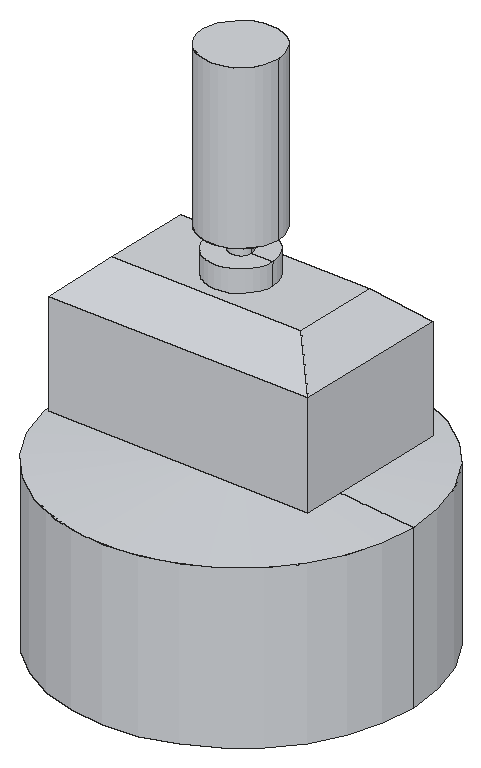
Revit family "M_Reservatório de expansão - Combinação", category Equipamento mecânico, Revit 2019
Family settings
  Cota do conector redondo = Usar raio
  Tipo de parte = Normal
  Número OmniClass = 23.75.70.11.14
  Título OmniClass = Expansion Vessels
  ID de item do Seek = Expansion Tank - Combination-0000-CAN-ENU
  Com base no plano de trabalho = Não
  Sempre na vertical = Sim
  Corte com vazios quando carregada = Não
  Compartilhado = Não
  Ponto de cálculo do ambiente = Não
Parameters (values of type "8 L")
  Material do reservatório = none
  Altura do reservatório = 108 mm
  Diâmetro do reservatório = 203 mm
  Queda de pressão [instance] = 0.0 Pa
  Raio nominal = 12.5 mm
  Diâmetro nominal = Raio nominal * 2  # 25 mm
  Altura 1 = 95 mm
  Fluxo [instance] = 0.06 L/s
Types (5, lengths in mm): name | Altura do reservatório | Diâmetro do reservatório | Altura 1
  (no name) | 108 | 203 | 95
  8 L | 108 | 203 | 95
  17 L | 181 | 279 | 163
  21 L | 372 | 279 | 333
  53 L | 321 | 391 | 286
Reference planes
  plane 1 "Centro (Frente/Trás)": y = 0
  plane 2: z = 0
  plane 3 "Centro (Esquerda/Direita)": x = 0
  plane 4: z = 108
  plane 5: z = 54
  plane 6: z = 101.5
  plane 7: z = 6.5
  plane 8: x = -101.5
  plane 9: x = 101.5
  plane 10: z = 120.7
  plane 11: x = -19.05
  plane 12: x = 19.05
  plane 13: x = -76.2
  plane 14: x = 76.2
  plane 15: z = 181.025
  plane 16: y = 46.037
  plane 17: y = -46.038
  plane 18: y = 25.4
  plane 19: y = -25.4
  plane 20: x = -55.562
  plane 21: x = 55.563
  plane 22: z = 200.075
  plane 23: z = 212.775
  plane 24: z = 219.125
  plane 25: z = 225.475
  plane 26: x = -19.05
  plane 27: x = 19.05
  plane 28: x = -6.35
  plane 29: x = 6.35
  plane 30: z = 320.725
Forms (mm)
  Revolve 1, solid, material <- "Material do reservatório"
    sketch origin (0, 0, 0) x (1, 0, 0) y (0, 0, 1)
      loop
        line (-101.5, 101.5) -> (-101.5, 6.5)
        arc (-101.5, 6.5) -> (-50.854, 1.627) -> (0, 0) r 795.731
        line (0, 0) -> (0, 108)
        arc (0, 108) -> (-50.854, 106.373) -> (-101.5, 101.5) r 795.731
      axis (0, 108) -> (0, 0)
    angle from 0 to 360
  Revolve 2, solid, material <- "Material do reservatório"
    sketch origin (0, 0, 0) x (1, 0, 0) y (0, 0, 1)
      loop
        line (-19.05, 120.7) -> (-19.05, 101.5) -> (0, 101.5) -> (0, 120.7) -> (-19.05, 120.7)
      axis (0, 120.7) -> (0, 101.5)
    angle from 0 to 360
  Extrusion 3, solid, material <- "Material do reservatório", detail levels medium+fine
    sketch origin (0, 0, 0) x (1, 0, 0) y (0, 0, 1)
      loop
        line (-76.2, 181.025) -> (-76.2, 120.7) -> (76.2, 120.7) -> (76.2, 181.025) -> (-76.2, 181.025)
    from -46.037 to 46.037
  Blend 4, solid, material <- "Material do reservatório", detail levels medium+fine
    base sketch origin (0, 0, 0) x (1, 0, 0) y (0, 1, 0)
      loop
        line (-76.2, 46.037) -> (-76.2, -46.038) -> (76.2, -46.038) -> (76.2, 46.037) -> (-76.2, 46.037)
    top sketch origin (0, 0, 0) x (1, 0, 0) y (0, 1, 0)
      loop
        line (-55.562, 25.4) -> (-55.562, -25.4) -> (55.563, -25.4) -> (55.563, 25.4) -> (-55.562, 25.4)
    from 181.025 to 200.075
  Revolve 5, solid, material <- "Material do reservatório", detail levels medium+fine
    sketch origin (0, 0, 0) x (1, 0, 0) y (0, 0, 1)
      loop
        line (-19.05, 212.775) -> (-19.05, 200.075) -> (0, 200.075) -> (0, 212.775) -> (-19.05, 212.775)
      axis (0, 212.775) -> (0, 200.075)
    angle from 0 to 360
  Revolve 6, solid, material <- "Material do reservatório", detail levels medium+fine
    sketch origin (0, 0, 0) x (1, 0, 0) y (0, 0, 1)
      loop
        line (-6.35, 219.125) -> (-6.35, 212.775) -> (0, 212.775) -> (0, 219.125) -> (-6.35, 219.125)
      axis (0, 219.125) -> (0, 212.775)
    angle from 0 to 360
  Blend 7, solid, material <- "Material do reservatório", detail levels medium+fine
    base sketch origin (0, 0, 0) x (1, 0, 0) y (0, 1, 0)
      loop
        circle (0, 0) r 6.35
    top sketch origin (0, 0, 0) x (1, 0, 0) y (0, 1, 0)
      loop
        circle (0, 0) r 22.225
    from 219.125 to 225.475
  Extrusion 8, solid, material <- "Material do reservatório", detail levels medium+fine
    sketch origin (0, 0, 0) x (1, 0, 0) y (0, 1, 0)
      loop
        circle (0, 0) r 22.225
    from 225.475 to 320.725
  Extrusion 9, solid, material <- "Material do reservatório", detail levels coarse
    sketch origin (0, 0, 0) x (1, 0, 0) y (0, 0, 1)
      loop
        line (-76.2, 200.075) -> (-76.2, 120.7) -> (76.2, 120.7) -> (76.2, 200.075) -> (-76.2, 200.075)
    from -46.037 to 46.037
  Extrusion 10, solid, material <- "Material do reservatório", detail levels coarse
    sketch origin (0, 0, 0) x (1, 0, 0) y (0, 1, 0)
      loop
        circle (0, 0) r 22.225
    from 200.075 to 320.725
Cuts and joins
  joined: Revolve 1, Revolve 2
Dimensions and locks
  equal spacing: plane 4, plane 5, plane 2
  "Altura do reservatório": plane 4 to plane 2
  equal spacing: plane 6, plane 5, plane 7
  "Altura 1": plane 6 to plane 7
  equal spacing: plane 9, plane 3 "Centro (Esquerda/Direita)", plane 8
  "Diâmetro do reservatório": plane 9 to plane 8
  locked: plane 10 to plane 4 at 12.7
  equal spacing: plane 12, plane 3 "Centro (Esquerda/Direita)", plane 11
  locked: plane 12 to plane 11 at 38.1
  equal spacing: plane 14, plane 3 "Centro (Esquerda/Direita)", plane 13
  locked: plane 14 to plane 13 at 152.4
  locked: plane 15 to plane 10 at 60.325
  equal spacing: plane 16, plane 1 "Centro (Frente/Trás)", plane 17
  locked: plane 16 to plane 17 at 92.075
  equal spacing: plane 18, plane 1 "Centro (Frente/Trás)", plane 19
  locked: plane 18 to plane 19 at 50.8
  equal spacing: plane 20, plane 3 "Centro (Esquerda/Direita)", plane 21
  locked: plane 20 to plane 21 at 111.125
  locked: plane 22 to plane 15 at 19.05
  locked: plane 23 to plane 22 at 12.7
  locked: plane 24 to plane 23 at 6.35
  locked: plane 25 to plane 24 at 6.35
  equal spacing: plane 27, plane 3 "Centro (Esquerda/Direita)", plane 26
  locked: plane 27 to plane 26 at 38.1
  equal spacing: plane 29, plane 3 "Centro (Esquerda/Direita)", plane 28
  locked: plane 29 to plane 28 at 12.7
  locked: plane 30 to plane 25 at 95.25
  radius of Blend 7 sketch curve = 6.35 mm
  radius of Blend 7 sketch curve = 22.225 mm
  radius of Extrusion 8 sketch curve = 22.225 mm
  radius of Extrusion 10 sketch curve = 22.225 mm
  aligned and locked: Revolve 1 sketch curve to plane 8
  aligned and locked: Revolve 1 sketch curve to plane 3 "Centro (Esquerda/Direita)"
  aligned and locked: plane 6 to Revolve 1 sketch curve
  aligned and locked: plane 4 to Revolve 1 sketch curve
  aligned and locked: plane 7 to Revolve 1 sketch curve
  aligned and locked: plane 8 to Revolve 1 sketch curve
  aligned and locked: plane 2 to Revolve 1 sketch curve
  aligned and locked: plane 3 "Centro (Esquerda/Direita)" to Revolve 1 sketch curve
  aligned and locked: Revolve 2 sketch curve to plane 10
  aligned and locked: Revolve 2 sketch curve to plane 11
  aligned and locked: plane 6 to Revolve 2 sketch curve
  aligned and locked: Revolve 2 sketch curve to plane 3 "Centro (Esquerda/Direita)"
  aligned and locked: Extrusion 3 sketch curve to plane 15
  aligned and locked: Extrusion 3 sketch curve to plane 13
  aligned and locked: plane 14 to Extrusion 3 sketch curve
  aligned and locked: plane 10 to Extrusion 3 sketch curve
  aligned and locked: plane 16 to Extrusion 3
  aligned and locked: plane 17 to Extrusion 3
  aligned and locked: Blend 4 sketch curve to plane 16
  aligned and locked: plane 13 to Blend 4 sketch curve
  aligned and locked: Blend 4 sketch curve to plane 17
  aligned and locked: plane 14 to Blend 4 sketch curve
  aligned and locked: Blend 4 sketch curve to plane 18
  aligned and locked: plane 20 to Blend 4 sketch curve
  aligned and locked: Blend 4 sketch curve to plane 19
  aligned and locked: plane 21 to Blend 4 sketch curve
  aligned and locked: plane 22 to Blend 4
  aligned and locked: Blend 4 to plane 15
  aligned and locked: Revolve 5 sketch curve to plane 23
  aligned and locked: Revolve 5 sketch curve to plane 26
  aligned and locked: plane 22 to Revolve 5 sketch curve
  aligned and locked: Revolve 5 sketch curve to plane 3 "Centro (Esquerda/Direita)"
  aligned and locked: Revolve 6 sketch curve to plane 24
  aligned and locked: Revolve 6 sketch curve to plane 28
  aligned and locked: plane 23 to Revolve 6 sketch curve
  aligned and locked: Revolve 6 sketch curve to plane 3 "Centro (Esquerda/Direita)"
  aligned and locked: plane 1 "Centro (Frente/Trás)" to Blend 7 sketch curve  (x2)
  aligned and locked: plane 3 "Centro (Esquerda/Direita)" to Blend 7 sketch curve  (x2)
  aligned and locked: plane 24 to Blend 7
  aligned and locked: plane 25 to Blend 7
  aligned and locked: plane 1 "Centro (Frente/Trás)" to Extrusion 8 sketch curve
  aligned and locked: plane 3 "Centro (Esquerda/Direita)" to Extrusion 8 sketch curve
  aligned and locked: plane 30 to Extrusion 8
  aligned and locked: Extrusion 8 to plane 25
  aligned and locked: Extrusion 9 sketch curve to plane 22
  aligned and locked: Extrusion 9 sketch curve to plane 13
  aligned and locked: plane 10 to Extrusion 9 sketch curve
  aligned and locked: plane 14 to Extrusion 9 sketch curve
  aligned and locked: plane 3 "Centro (Esquerda/Direita)" to Extrusion 10 sketch curve
  aligned and locked: plane 1 "Centro (Frente/Trás)" to Extrusion 10 sketch curve
  aligned and locked: plane 30 to Extrusion 10
  aligned and locked: Extrusion 10 to plane 22
  aligned and locked: plane 16 to Extrusion 9
  aligned and locked: plane 17 to Extrusion 9
Automatic sketch dimensions
  Revolve 1 sketch curve to plane 3 "Centro (Esquerda/Direita)" = 0 mm
  Revolve 1 sketch curve to Revolve 1 sketch curve = 98.425 mm
  Revolve 1 sketch curve to Revolve 1 sketch curve = 1793.083 mm
  Revolve 2 sketch curve to plane 3 "Centro (Esquerda/Direita)" = 0 mm
  Revolve 2 sketch curve to level = 609.6 mm
  plane 10 to Revolve 2 sketch curve = 2275.683 mm
  Revolve 5 sketch curve to plane 3 "Centro (Esquerda/Direita)" = 0 mm
  Revolve 5 sketch curve to level = 609.6 mm
  plane 25 to Revolve 5 sketch curve = 2170.908 mm
  Revolve 6 sketch curve to plane 3 "Centro (Esquerda/Direita)" = 0 mm
  Revolve 6 sketch curve to level = 609.6 mm
  plane 25 to Revolve 6 sketch curve = 2170.908 mm
Connectors
  piping at (-76.2, 0, 150.863), diameter 25, driven by "Raio nominal", driven by "Fluxo"
    settings: on Extrusion 3, index 1, connector inside diameter 25 mm, connector length 0 mm, flow factor 0, pipe flow 0.06 L/s, pressure drop 0.0 Pa, fitting loss kfactor 0, connector angle 0.00°, fixture units 0, engagement length 0 mm, angle of deflection 0.00°, flow configuration 0, flow direction 0, fitting loss method 4, system type 29, joint type 0, gender type 0, connector reference index 2, connector utility 0, adjustable connector no, is connector primary yes, connector description ""
  piping at (76.2, 0, 150.863), diameter 25, driven by "Raio nominal", driven by "Queda de pressão", driven by "Fluxo"
    settings: on Extrusion 3, index 2, connector inside diameter 25 mm, connector length 0 mm, flow factor 0, pipe flow 0.06 L/s, pressure drop 0.0 Pa, fitting loss kfactor 0, connector angle 0.00°, fixture units 0, engagement length 0 mm, angle of deflection 0.00°, flow configuration 0, flow direction 0, fitting loss method 4, system type 29, joint type 0, gender type 0, connector reference index 1, connector utility 0, adjustable connector no, is connector primary no, connector description ""
